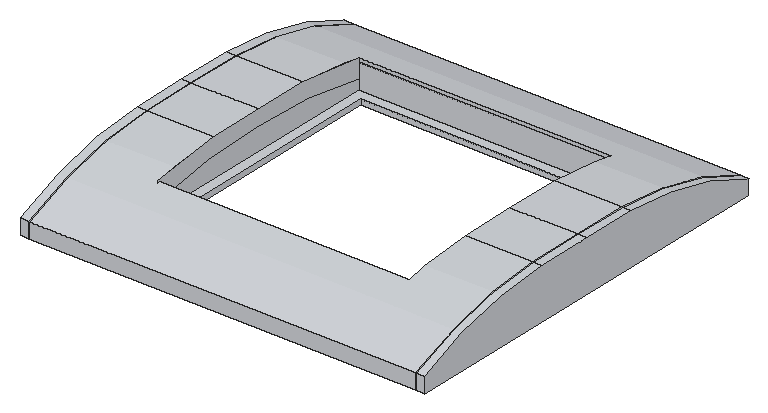
Revit family "Gira_1002778", category Electrical Fixtures, host Face, Revit 2017
Family settings
  Host = Face
  Maintain Annotation Orientation = No
  Round Connector Dimension = Use Diameter
  Part Type = Normal
  Cut with Voids When Loaded = No
  Shared = No
  Room Calculation Point = No
Parameters (values of type "Cov.fr. 2-g w/o cb interm.fr. AN Gira Event Clear sand")
  With mounting grid = "No"
  With hinged lid = "No"
  URL = "http://katalog.gira.de/en/datenblatt.html?artikelnr=1002778"
  Type of fastening = "Clamp mounting"
  Transparent = "No"
  Surface protection = "Other"
  Surface finishing = "Glossy"
  Suitable for wall duct = "No"
  Suitable for flush-mounted installation = "Yes"
  Suitable for floor box = "No"
  Suitable for built-in installation = "No"
  Number of units vertical = "2"
  Number of units horizontal = "2"
  Number of units = "2"
  Name = "Cov.fr. 2-g w/o cb interm.fr. AN Gira Event Clear sand"
  Mounting direction = "Horizontal and vertical"
  Material quality = "Thermoplastic"
  Material = "Plastic"
  Manufacturer URL = "https://www.gira.de/"
  Manufacturer = "Gira"
  Label space/information surface = "No"
  Keynote = ""
  HeinzeBIM = "https://bimportal.heinze.de/bim/cov-fr-2-g-w-o-cb-interm-fr-an-gira-event-clear-sand/df9116cefdb11d8a4e390bbace75ed6fc30bc938"
  Halogen free = "Yes"
  HAN = "1002778"
  GTIN = "4010337070375"
  Description = "Cov.fr.2g w o cb i.fr.AN EvCl SD,Gira Event Clear cover frame,sand with anthracite intermediate frame,2-gang without crossbar,Features:,- Shatter-proof."
  Degree of protection (IP) = "IP20"
  Default Elevation = 1219.2 mm
  Data sheet (1) = "https://katalog.gira.de/en/download.html?artikelnr=1002778"
  Colour = "Other"
  Category = "Cover frame for domestic switching devices"
  BIM (1) = "https://media.stage.bim.site/public/gira/36a6b08/Event_Rahmen_2fach o.Mittelsteg.rfa?public/gira/36a6b08/Event_Rahmen_2fach o.Mittelsteg.rfa"
  Available = "No"
Reference planes
  plane 1 "Center (Front/Back)": y = 0
  plane 2: z = 0
  plane 3 "Center (Left/Right)": x = 0
Forms (mm)
  Extrusion 1, solid, detail levels fine
    sketch origin (0, 0, 1.55) x (0, 1, 0) y (0, 0, 1)
      loop
        arc (12.445, 9.683) -> (6.223, 9.833) -> (0, 9.85) r 291.636
        arc (0, 9.85) -> (-6.223, 9.833) -> (-12.445, 9.683) r 291.636
        arc (-12.445, 9.683) -> (-29.14, 7.482) -> (-45, 1.823) r 79.728
        line (-45, 1.823) -> (-45, -1.55) -> (-41.777, -1.55) -> (-41.777, -0.55)
        arc (-41.777, -0.55) -> (-21.205, 4.846) -> (0, 6.467) r 118.15
        arc (0, 6.467) -> (21.205, 4.846) -> (41.777, -0.55) r 118.15
        line (41.777, -0.55) -> (41.777, -1.55) -> (45, -1.55) -> (45, 1.823)
        arc (45, 1.823) -> (29.14, 7.482) -> (12.445, 9.683) r 79.728
    from -43 to 43
  Extrusion 2, void, detail levels fine
    sketch origin (0, 0, 0) x (1, 0, 0) y (0, 1, 0)
      loop
        line (-28, -28) -> (28, -28) -> (28, 28) -> (-28, 28) -> (-28, -28)
    from 2.85 to 12
  Extrusion 3, solid, detail levels coarse
    sketch origin (0, 0, 0) x (1, 0, 0) y (0, 1, 0)
      loop
        line (-45, 45) -> (-45, -45) -> (45, -45) -> (45, 45) -> (-45, 45)
    from 0 to 11.4
  Extrusion 4, solid, detail levels medium
    sketch origin (0, 0, 1.55) x (0, 1, 0) y (0, 0, 1)
      loop
        arc (12.445, 9.683) -> (6.223, 9.833) -> (0, 9.85) r 291.636
        arc (0, 9.85) -> (-6.223, 9.833) -> (-12.445, 9.683) r 291.636
        arc (-12.445, 9.683) -> (-29.14, 7.482) -> (-45, 1.823) r 79.728
        line (-45, 1.823) -> (-45, -1.55) -> (45, -1.55) -> (45, 1.823)
        arc (45, 1.823) -> (29.14, 7.482) -> (12.445, 9.683) r 79.728
    from -45 to 45
  Extrusion 5, solid, detail levels fine
    sketch origin (0, 0, 0) x (0, 1, 0) y (0, 0, 1)
      loop
        arc (45, 3.373) -> (29.14, 9.032) -> (12.445, 11.233) r 79.728
        arc (12.445, 11.233) -> (6.223, 11.383) -> (0, 11.4) r 291.636
        arc (0, 11.4) -> (-6.223, 11.383) -> (-12.445, 11.233) r 291.636
        arc (-12.445, 11.233) -> (-29.14, 9.032) -> (-45, 3.373) r 79.728
        line (-45, 3.373) -> (-45, 0) -> (45, 0) -> (45, 3.373)
    from 43 to 45
  Extrusion 6, solid, detail levels fine
    sketch origin (0, 0, 0) x (0, 1, 0) y (0, 0, -1)
      loop
        line (45, -3.373) -> (45, 0) -> (-45, 0) -> (-45, -3.373)
        arc (-45, -3.373) -> (-29.14, -9.032) -> (-12.445, -11.233) r 79.728
        arc (-12.445, -11.233) -> (-6.223, -11.383) -> (0, -11.4) r 291.636
        arc (0, -11.4) -> (6.223, -11.383) -> (12.445, -11.233) r 291.636
        arc (12.445, -11.233) -> (29.14, -9.032) -> (45, -3.373) r 79.728
    from 43 to 45
  Extrusion 7, solid, detail levels fine
    sketch origin (0, 0, 0) x (1, 0, 0) y (0, 1, 0)
      loop
        line (-25.7, 25.7) -> (-25.7, -25.7) -> (25.7, -25.7) -> (25.7, 25.7) -> (-25.7, 25.7)
      loop
        line (-29.495, 27.895) -> (-29.495, -27.895)
        spline (-29.495, -27.895) -> (-29.486, -28.025) -> (-29.461, -28.154) -> (-29.419, -28.278) -> (-29.361, -28.395) -> (-29.288, -28.504) -> (-29.202, -28.602) -> (-29.104, -28.688) -> (-28.995, -28.761) -> (-28.878, -28.819) -> (-28.754, -28.861) -> (-28.625, -28.886) -> (-28.495, -28.895)
        line (-28.495, -28.895) -> (28.495, -28.895)
        spline (28.495, -28.895) -> (28.625, -28.886) -> (28.754, -28.861) -> (28.878, -28.819) -> (28.995, -28.761) -> (29.104, -28.688) -> (29.202, -28.602) -> (29.288, -28.504) -> (29.361, -28.395) -> (29.419, -28.278) -> (29.461, -28.154) -> (29.486, -28.025) -> (29.495, -27.895)
        line (29.495, -27.895) -> (29.495, 27.895)
        spline (29.495, 27.895) -> (29.486, 28.025) -> (29.461, 28.154) -> (29.419, 28.278) -> (29.361, 28.395) -> (29.288, 28.504) -> (29.202, 28.602) -> (29.104, 28.688) -> (28.995, 28.761) -> (28.878, 28.819) -> (28.754, 28.861) -> (28.625, 28.886) -> (28.495, 28.895)
        line (28.495, 28.895) -> (-28.495, 28.895)
        spline (-28.495, 28.895) -> (-28.625, 28.886) -> (-28.754, 28.861) -> (-28.878, 28.819) -> (-28.995, 28.761) -> (-29.104, 28.688) -> (-29.202, 28.602) -> (-29.288, 28.504) -> (-29.361, 28.395) -> (-29.419, 28.278) -> (-29.461, 28.154) -> (-29.486, 28.025) -> (-29.495, 27.895)
    from 1.673 to 8.5
Cuts and joins
  Extrusion 2 cuts Extrusion 1
  Extrusion 2 cuts Extrusion 7
Dimensions and locks
  aligned and locked: plane 2 to host face
  aligned and locked: level to host face
